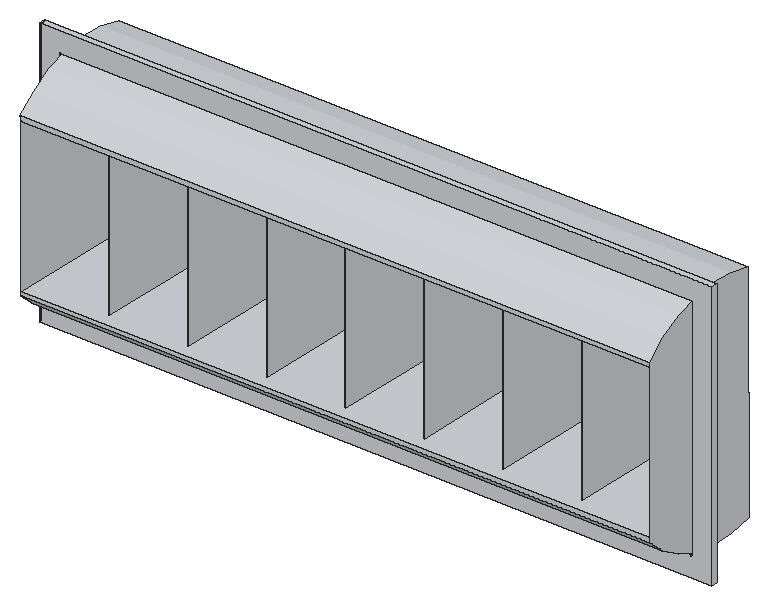
Revit family "IJ-15 inch Drum", category Mechanical Equipment, Revit 2016
Family settings
  Part Type = Normal
  Round Connector Dimension = Use Diameter
  OmniClass Number = 23.75.00.00
  OmniClass Title = Climate Control (HVAC)
  Work Plane-Based = No
  Always vertical = Yes
  Cut with Voids When Loaded = No
  Shared = No
  Room Calculation Point = No
Parameters (values of type "Model IJ 12" - 20" wide")
  URL = "http://www.anemostat.com/"
  Overall Width = Nominal Width + 2 11/16"  # 42 11/16"
  Overall Height = 17"
  Nominal Width div 2 = Nominal Width / 2  # 20"
  Nominal Width = 40"
  Model = "IJ Infini-Jet Drum Louver"
  Manufacturer = "Anemostat"
  Duct Width = Overall Width - 1 13/16"  # 40 7/8"
  Duct Height = Overall Height - 1 11/16"  # 15 5/16"
  D - Drum Depth = 7 53/64"
  Blade Array = Nominal Width / 5" - 1  # 7
  Blade Depth = 6 3/8"
Types (9): name | Overall Width | Overall Height | Nominal Width div 2 | Nominal Width | Duct Width | Duct Height | D - Drum Depth | Blade Array
  (no name) | 42 11/16" | 17" | 20" | 40" | 40 7/8" | 15 5/16" | 7 53/64" | 7
  Model IJ 12" - 20" wide | 42 11/16" | 17" | 20" | 40" | 40 7/8" | 15 5/16" | 7 53/64" | 7
  Model IJ 12" - 25" wide | 27 11/16" | 13 15/16" | 12 1/2" | 25" | 25 7/8" | 12 1/4" | 7 5/8" | 4
  Model IJ 12" - 30" wide | 32 11/16" | 13 15/16" | 15" | 30" | 30 7/8" | 12 1/4" | 7 5/8" | 5
  Model IJ 12" - 35" wide | 37 11/16" | 13 15/16" | 17 1/2" | 35" | 35 7/8" | 12 1/4" | 7 5/8" | 6
  Model IJ 12" - 40" wide | 42 11/16" | 13 15/16" | 20" | 40" | 40 7/8" | 12 1/4" | 7 5/8" | 7
  Model IJ 12" - 50" wide | 52 11/16" | 13 15/16" | 25" | 50" | 50 7/8" | 12 1/4" | 7 5/8" | 9
  Model IJ 12" - 60" wide | 62 11/16" | 13 15/16" | 30" | 60" | 60 7/8" | 12 1/4" | 7 5/8" | 11
  Model IJ 12" - 70" wide | 72 11/16" | 13 15/16" | 35" | 70" | 70 7/8" | 12 1/4" | 7 5/8" | 13
Reference planes (in)
  plane 1 "Center (Front/Back)": y = 0.03112
  plane 2: z = 0
  plane 3 "Center (Left/Right)": x = 11.43718
  plane 4: x = -9.90657
  plane 5: x = 32.78093
  plane 6 "Drum Right Edge": x = 31.43718
  plane 7 "Drum Left Edge": x = -8.56282
  plane 8 "Drum Front": y = -3.59388
  plane 9 "Drum Back": y = 4.21862
  plane 10: x = -8.53282
  plane 11: x = 31.40618
  plane 12 "Blades - Front": y = -2.75
  plane 13 "Blades - Back": y = 3.625
  plane 14: x = 26.43718
  plane 15: z = 3.6875
  plane 16: z = 17
  plane 17: z = 13.3125
  plane 18: z = 8.5
  plane 19: y = 1.89762
  plane 20: z = 13.375
  plane 21: z = 3.625
Forms (in)
  Sweep 1, solid
    path origin (0, 0.03112, 0) x (1, 0, 0) y (0, 0, 1)
      loop
        line (32.78093, 0) -> (32.78093, 17) -> (-9.90657, 17) -> (-9.90657, 0) -> (32.78093, 0)
    profile origin (11.43718, 0.03112, 0) x (0, 0, -1) y (0, -1, 0)
      loop
        line (0, 0) -> (0, 0.375) -> (-1.25, 0.375) -> (-1.25, 0.344) -> (-1.219, 0.344) -> (-0.031, 0.344) -> (-0.031, 0) -> (0, 0)
  Extrusion 2, solid
    sketch origin (31.43718, 0, 0) x (0, 0, -1) y (0, -1, 0)
      loop
        arc (-13.60689, 3.59507) -> (-15.76025, -0.01645) -> (-15.63163, -4.21924) r 7.5
        line (-15.63163, -4.21924) -> (-1.36837, -4.21924)
        arc (-1.36837, -4.21924) -> (-1.23975, -0.01645) -> (-3.39311, 3.59507) r 7.5
        line (-3.39311, 3.59507) -> (-13.60689, 3.59507)
    from 0 to 40 <- "Nominal Width"
  Extrusion 3, void
    sketch origin (0, -3.59388, 0) x (0, 0, -1) y (1, 0, 0)
      loop
        line (-13.375, -8.53282) -> (-3.625, -8.53282) -> (-3.625, 31.40618) -> (-13.375, 31.40618) -> (-13.375, -8.53282)
    from 0 to -7.82813
Cuts and joins
  Extrusion 3 cuts Extrusion 2
Lines and regions (in)
  reference lines
    curve 1: line (31.43718, -4.71888, 13.125) -> (31.43718, 5.46862, 13.125)
    curve 2: line (31.43718, -4.71888, 3.625) -> (31.43718, 5.46862, 3.625)
    curve 3: line (31.43718, 5.46862, 3.625) -> (31.43718, 5.21862, 3.625)
    curve 4: line (31.43718, 5.21862, 3.625) -> (31.43718, 5.46862, 3.625)
Dimensions and locks (in)
  equal spacing: plane 4, plane 3 "Center (Left/Right)", plane 5
  locked: plane 4 to plane 7 "Drum Left Edge" at 1.34375
  locked: plane 6 "Drum Right Edge" to plane 5 at 1.34375
  "Nominal Width": plane 7 "Drum Left Edge" to plane 6 "Drum Right Edge"
  "Blade Depth": plane 12 "Blades - Front" to plane 13 "Blades - Back"
  locked: plane 10 to plane 7 "Drum Left Edge" at 0.03
  locked: plane 6 "Drum Right Edge" to plane 11 at 0.031
  locked: plane 11 to plane 14 at 4.969
  equal spacing: group 7, group 6, group 5, group 4, group 3, group 2, group 1
  equal spacing: group 1, group 2, group 3, group 4, group 5, group 6, group 7  (x2)
  locked: plane 1 "Center (Front/Back)" to plane 8 "Drum Front" at 3.625
Automatic sketch dimensions
  Sweep 1 sketch curve to plane 1 "Center (Front/Back)" = 0"
  Sweep 1 sketch curve to profile plane = 0"
  profile plane to Sweep 1 sketch curve = 0.031"
  plane 1 "Center (Front/Back)" to Sweep 1 sketch curve = 0.344"
  Sweep 1 sketch curve to Sweep 1 sketch curve = 1.188"
  Sweep 1 sketch curve to Sweep 1 sketch curve = 0.031"  (x2)
  plane 9 "Drum Back" to curve 2 = 1 1/4"
  curve 4 to curve 2 = 0"
  curve 2 to curve 4 = 1/4"
  plane 9 "Drum Back" to curve 1 = 1 1/4"
  plane 8 "Drum Front" to curve 1 = 1 1/8"
  Sweep 1 sketch curve to level = 0"
  plane 4 to Sweep 1 sketch curve = 0"
  plane 5 to Sweep 1 sketch curve = 0"
  Sweep 1 sketch curve to plane 16 = 0"
  curve 2 to plane 15 = 1/16"
  plane 8 "Drum Front" to curve 2 = 1 1/8"
  curve 1 to plane 17 = 3/16"
  Extrusion 2 sketch curve to Extrusion 2 sketch curve = 0"  (x2)
  Extrusion 2 sketch curve to plane 18 = 0"
  Extrusion 2 sketch curve to plane 19 = 0"
  plane 8 "Drum Front" to Extrusion 2 sketch curve = 0.00119"
  plane 20 to Extrusion 2 sketch curve = 0.23189"
  Extrusion 2 sketch curve to plane 21 = 0.23189"
  plane 9 "Drum Back" to Extrusion 2 sketch curve = 0.00062"
  Extrusion 3 sketch curve to plane 11 = 0"
  Extrusion 3 sketch curve to plane 20 = 0"
  Extrusion 3 sketch curve to plane 10 = 0"
  Extrusion 3 sketch curve to plane 21 = 0"
Nested families (in)
  nested 1: "IJ - Blade (15in Drum)" at (26.43718, -2.75, 3), type "IJ - Blade"
  nested 2: "IJ - Blade (15in Drum)" at (21.43718, -2.75, 3), type "IJ - Blade"
  nested 3: "IJ - Blade (15in Drum)" at (16.43718, -2.75, 3), type "IJ - Blade"
  nested 4: "IJ - Blade (15in Drum)" at (11.43718, -2.75, 3), type "IJ - Blade"
  nested 5: "IJ - Blade (15in Drum)" at (6.43718, -2.75, 3), type "IJ - Blade"
  nested 6: "IJ - Blade (15in Drum)" at (1.43718, -2.75, 3), type "IJ - Blade"
  nested 7: "IJ - Blade (15in Drum)" at (-3.56282, -2.75, 3), type "IJ - Blade"
Connectors (in)
  hvac at (11.43718, -0.31288, 8.5), driven by "Duct Width", driven by "Duct Height"
    settings: on Sweep 1, index 1, duct flow 0 CFM, flow factor 0, pres drop 0.00 in-wg, loss coef 0, conn angle 0.00°, conn width 40 7/8", conn height 15 5/16", conn diameter 24", duct sys type 1, conn prof type 1, flow config 0, flow direction 0, loss method 0, conn ref index -1, conn util no, is conn primary yes, conn desc ""
Definition of nested family "IJ - Blade (15in Drum)"
  Reference planes (in)
    plane 1 "Center (Front/Back)": y = 0
    plane 2: z = 0
    plane 3 "Center (Left/Right)": x = 0
  Forms (in)
    Extrusion 1, solid
      sketch origin (-1.43484, 0, 0) x (0, 0, 1) y (1, 0, 0)
        loop
          line (10.3125, 1.40618) -> (10.3125, 1.46818) -> (0.6875, 1.46818) -> (0.6875, 1.40618) -> (10.3125, 1.40618)
      from 0 to 6.375
